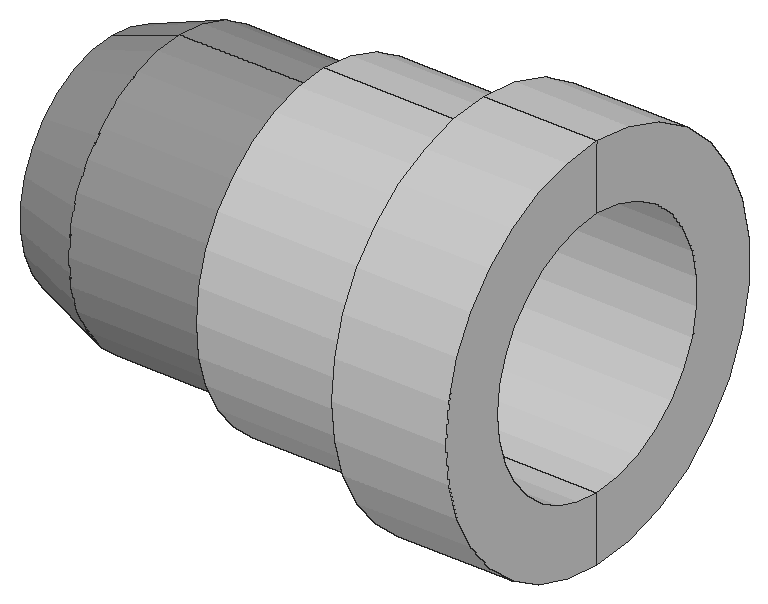
Revit family "6092_Kunststoffrohranschlüsse G 1_2 für PE-X, PB- & Alu-Verbundrohre (Herz-Ventile der Bau D)", category Rohrformteile, Revit 2021
Family settings
  Bemaßung runder Anschluss = Durchmesser verwenden
  Teiletyp = Verbindung
  OmniClass-Nummer = 23.65.55.14
  OmniClass-Titel = Valves for Liquid Services
  Arbeitsebenenbasiert = Nein
  Immer vertikal = Ja
  Beim Laden mit Abzugskörper schneiden = Nein
  Gemeinsam genutzt = Nein
Parameters (values of type "G1/2 x 16x2.0mm")
  Vorgabe-Ansicht = 0.000 mm
  URL = "www.herz-armaturen.at"
  Tülle = "CW617N"  # constant formula
  TL02 = 1.200 mm  # constant formula
  TL01 = 5.500 mm  # constant formula
  TL00 = 20.000 mm  # constant formula
  TD02 = 4.500 mm  # constant formula
  TD01 = 7.000 mm  # constant formula
  TD00 = 5.950 mm  # constant formula
  SCRNSEQ = "AWI;AWI_TYP=\"1001\";2"
  SCRNCODE = "07;01;02"  # constant formula
  S03 = 5.000 mm  # constant formula
  S02 = 5.000 mm  # constant formula
  S01 [instance] = 32.000 mm  # constant formula
  O-Ring = "EPDM"  # constant formula
  Nennweite_Press = 16.000 mm  # constant formula
  Nennweite = 15.000 mm  # constant formula
  Mutter = "CW617N, G 1/2"  # constant formula
  Medium = "Heizungswasser nach ÖNORM H5195 oder VDI- Richtlinie 2035.\r\nDie Verwendung von Ethylen- oder Propyleneglykol in einem Mischungsverhältnis 25-50% ist zulässig."
  Max. Betriebstemperatur = 95 °C  # constant formula
  Max. Betriebsdruck = 1000000.0 Pa  # constant formula
  ML02 = KL00 - 1.500 mm  # 14.000 mm
  ML01 = 10.500 mm  # constant formula
  ML00 = 18.000 mm  # constant formula
  MD02 = 8.250 mm  # constant formula
  MD01 = 10.500 mm  # constant formula
  MD00 = 12.500 mm  # constant formula
  Klemmring = "CW617N"  # constant formula
  KL03 = TL01 - TL02  # 4.300 mm
  KL02 = 1.100 mm  # constant formula
  KL01 = 10.100 mm  # constant formula
  KL00 = 15.500 mm  # constant formula
  KD04 = 7.500 mm  # constant formula
  KD03 = 6.000 mm  # constant formula
  KD02 = TD01  # 7.000 mm
  KD01 = 8.100 mm  # constant formula
  KD00 = 9.150 mm  # constant formula
  Hinweiß zum Werkstoff = "Gemäß Art 33 der REACH-Verordnung (EG Nr. 1907/2006) sind wir verpflichtet, darauf hinzuweisen, dass der Stoff Blei auf der SVHC-Liste geführt wird und dass alle aus Messing bestehenden Bauteile, die in unseren Erzeugnissen verarbeitet sind, mehr als 0,1 % (w/w) Blei (CAS: 7439-92-1 / EINECS: 231-100-4) enthalten.\r\nDa Blei als Legierungsbestandteil fest gebunden ist, sind keine Expositionen zu erwarten und daher sind keine zusätzlichen Angaben zur sicheren Verwendung notwendig."
  Hersteller = "HERZ Armaturen Ges.m.b.H."  # constant formula
  Bestellnummer = 1609201  # constant formula
  Ausführung = "1 6092 01  G1/2 - 16mm:\r\nKlemmset für Kunststoffrohranschluss, bestehend aus Druckschraube und Klemmring, Klemmset G1/2;\r\npassend für Ventileder Baureihe D, TS 7728 (M30x1,5), DELUXE und RL-5."
  Anwendungsgebiet = "Die Kunststoffrohranschlüsse sind geeignet für Heizungsinstallationen der Anwendungsklassen 1,2, 4 und 5, gemäß ISO 10508, für Rohre aus PE-X (EN ISO 15875) und PE-RT (EN ISO 22391), sowie für Kunststoff-Metall-Verbundrohre (EN ISO 21003).\r\nDie Vorgaben der Rohrhersteller bezüglich Druck und Temperatur sind zu beachten.\r\nDer Kunststoffrohranschluss stellt eine absolut sichere Verbindung zwischen Rohr und Ventilgehäuse dar.\r\nDiese Verbindung kann bei Bedarf jederzeit gelöst werden.\r\nEine einwandfreie Dichtheit ist auf Dauer nur dann gegeben, wenn die Montage ordnungsgemäß nach HERZ-Montageanleitung durchgeführt wurde."
Reference planes
  plane 1 "Mitte (Vorne/hinten)": y = 0
  plane 2: z = 0
  plane 3 "Mitte (Links/rechts)": x = 0
Forms (mm)
  Revolve 1, solid, material "Messing, weicher Gelbton, geschweißt", detail levels fine
    sketch origin (-63.82, 0, 0) x (1, 0, 0) y (0, 0, 1)
      loop
        line (63.82, 4.5) -> (83.82, 4.5) -> (83.82, 5.95) -> (69.32, 5.95) -> (69.32, 7) -> (68.12, 7) -> (68.12, 5.95) -> (63.82, 5.95) -> (63.82, 4.5)
      axis (63.82, 0) -> (83.82, 0)
    angle from 0 to 360
  Revolve 2, solid, material "Messing, vernickelt", detail levels fine
    sketch origin (-50.32, 0, 0) x (1, 0, 0) y (0, 0, 1)
      loop
        line (64.32, 9.116) -> (65.82, 8.25) -> (82.32, 8.25) -> (82.32, 12.5) -> (74.82, 12.5) -> (74.82, 10.5) -> (64.32, 10.5) -> (64.32, 9.116)
      axis (64.32, 0) -> (82.32, 0)
    angle from 0 to 360
  Revolve 3, solid, material "Messing, weicher Gelbton, geschweißt", detail levels fine
    sketch origin (50, 0, 0) x (1, 0, 0) y (0, 0, 1)
      loop
        line (-34.5, 8.1) -> (-34.5, 9.15) -> (-45.484, 9.15) -> (-50, 7.5) -> (-50, 6) -> (-45.7, 6) -> (-45.7, 7) -> (-44.6, 7) -> (-44.6, 8.1) -> (-34.5, 8.1)
      axis (-50, 0) -> (-34.5, 0)
    angle from 0 to 360
Lines and regions (mm)
  model lines, detail levels coarse+medium
    curve 1: line (0, 0, 0) -> (32, 0, 0)
    curve 2: line (5, 0, 12.5) -> (5, 0, -12.5)
    curve 3: line (5, 0, -12.5) -> (10, 0, -12.5)
    curve 4: line (10, 0, -12.5) -> (5, 0, 0)
    curve 5: line (5, 0, 12.5) -> (10, 0, 12.5)
    curve 6: line (10, 0, 12.5) -> (5, 0, 0)
    curve 7: line (5, 12.5, 0) -> (5, -12.5, 0)
    curve 8: line (5, -12.5, 0) -> (10, -12.5, 0)
    curve 9: line (10, -12.5, 0) -> (5, 0, 0)
    curve 10: line (5, 12.5, 0) -> (10, 12.5, 0)
    curve 11: line (10, 12.5, 0) -> (5, 0, 0)
Dimensions and locks
  "TL01": Revolve 1 sketch curve to plane 3 "Mitte (Links/rechts)"
  "TL00": Revolve 1 sketch curve to Revolve 1 sketch curve
  "TD00": Revolve 1 sketch curve to plane 2  (x2)
  "TD01": Revolve 1 sketch curve to plane 2
  "ML00": Revolve 2 sketch curve to Revolve 2 sketch curve
  "MD00": Revolve 2 sketch curve to plane 2
  "MD02": Revolve 2 sketch curve to plane 2
  "TL02": Revolve 1 sketch curve to Revolve 1 sketch curve
  "TD02": Revolve 1 sketch curve to plane 2
  "KD03": Revolve 3 sketch curve to plane 2
  "KD04": Revolve 3 sketch curve to plane 2
  "KD00": Revolve 3 sketch curve to plane 2
  "KD01": Revolve 3 sketch curve to plane 2
  "KD02": Revolve 3 sketch curve to plane 2
  "KL00": Revolve 3 sketch curve to Revolve 3 sketch curve
  "KL01": Revolve 3 sketch curve to Revolve 3 sketch curve
  "KL02": Revolve 3 sketch curve to Revolve 3 sketch curve
  "KL03": Revolve 1 to Revolve 3 sketch curve
  "MD01": Revolve 2 sketch curve to plane 2
  "ML01": Revolve 2 sketch curve to Revolve 2 sketch curve
  "ML02": Revolve 2 sketch curve to plane 3 "Mitte (Links/rechts)"
  "S01": curve 1 to curve 1
  "S02": curve 2 to plane 3 "Mitte (Links/rechts)"
  "S03": curve 2 to curve 6
  "MD00": curve 5 to plane 2 to curve 3
  "S02": plane 3 "Mitte (Links/rechts)" to curve 7
  "S03": curve 7 to curve 11
  "MD00": curve 8 to plane 1 "Mitte (Vorne/hinten)" to curve 10
  aligned and locked: level to plane 2
Automatic sketch dimensions
  curve 1 to level = 0.000 mm
  curve 1 to plane 3 "Mitte (Links/rechts)" = 0.000 mm
  curve 4 to level = 0.000 mm
  curve 2 to curve 4 = 5.000 mm
  plane 1 "Mitte (Vorne/hinten)" to curve 9 = 0.000 mm
  plane 1 "Mitte (Vorne/hinten)" to curve 11 = 0.000 mm
  curve 7 to curve 8 = 5.000 mm
  Revolve 1 sketch curve to level = 0.000 mm
  Revolve 1 sketch curve to plane 3 "Mitte (Links/rechts)" = 0.000 mm
  Revolve 1 sketch curve to plane 3 "Mitte (Links/rechts)" = 1570.350 mm
  Revolve 1 sketch curve to Revolve 1 sketch curve = 1757.728 mm
  Revolve 2 sketch curve to level = 0.000 mm
  Revolve 2 sketch curve to Revolve 2 sketch curve = 1.500 mm
  Revolve 2 sketch curve to Revolve 2 sketch curve = 1.384 mm
  Revolve 2 sketch curve to plane 3 "Mitte (Links/rechts)" = 1554.450 mm
  Revolve 2 sketch curve to Revolve 2 sketch curve = 1757.488 mm
  Revolve 3 sketch curve to level = 0.000 mm
  Revolve 3 sketch curve to Revolve 3 sketch curve = 0.884 mm
  Revolve 3 sketch curve to plane 3 "Mitte (Links/rechts)" = 1456.530 mm
  Revolve 3 sketch curve to Revolve 3 sketch curve = 1873.648 mm
Connectors
  piping at (5.5, 0, 0), diameter 16, driven by "Nennweite_Press"
    settings: on Revolve 1, index 1, connector inside diameter 609.6 mm, connector length 0.000 mm, flow factor 0, pipe flow 0.0 L/s, pressure drop 0.0 Pa, fitting loss kfactor 0, connector angle 0.00°, fixture units 0, engagement length 0.000 mm, angle of deflection 0.00°, flow configuration 0, flow direction 0, fitting loss method 0, system type 29, joint type 0, gender type 0, connector reference index -1, connector utility 0, adjustable connector no, is connector primary yes, connector description ""
  piping at (14, 0, 0), diameter 15, driven by "Nennweite"
    settings: on Revolve 2, index 2, connector inside diameter 609.6 mm, connector length 0.000 mm, flow factor 0, pipe flow 0.0 L/s, pressure drop 0.0 Pa, fitting loss kfactor 0, connector angle 0.00°, fixture units 0, engagement length 0.000 mm, angle of deflection 0.00°, flow configuration 0, flow direction 0, fitting loss method 0, system type 29, joint type 0, gender type 0, connector reference index -1, connector utility 0, adjustable connector no, is connector primary no, connector description ""
